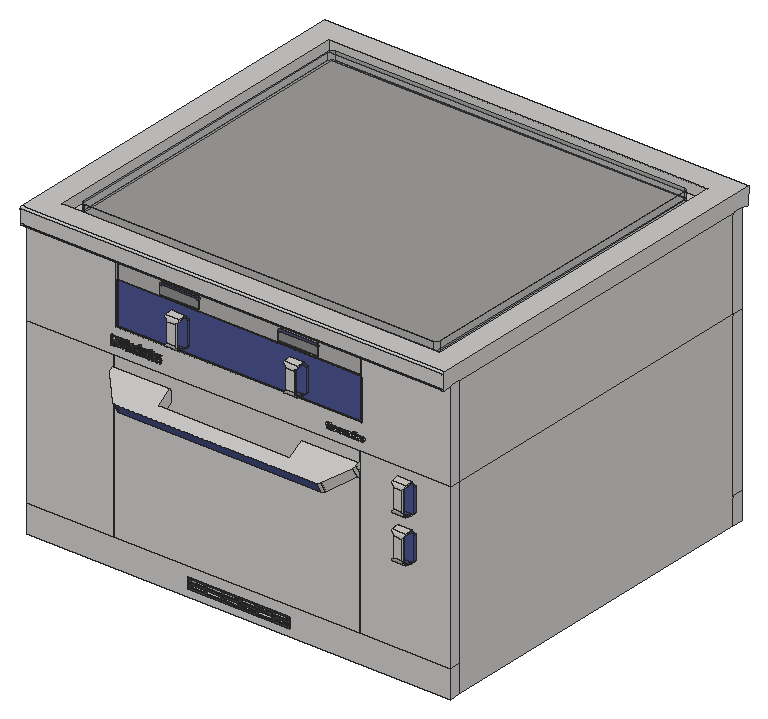
Revit family "QF_ELECTROLUXPROFESSIONAL_589667_MCINECJ8AO", category Attrezzature speciali, Revit 2020
Family settings
  Quota connettore circolare = Usa diametro
  Tipo di parte = Normale
  Basato su piano di lavoro = No
  Sempre verticale = Sì
  Taglio con vuoti quando caricato = No
  Condiviso = No
  Punto di calcolo locali = No
Parameters (values of type "Standard")
  Weight = 197.00 kg
  Watts = 25000 W
  Volts = 400 V
  URL Manufacturer = "https://www.electroluxprofessional.com/"
  URL = "https://www.electroluxprofessional.com/"
  Steam Supply Size = 0"
  Steam Supply Minimum Pressure = 0.00 psi
  Steam Supply Maximum Pressure = 0.00 psi
  Steam Consumption per Hour = 0
  Refrigeration Suction Line Size = 0 mm
  Refrigeration Liquid Line Size = 0 mm
  Refrigerant Compressor Remote = yes
  Prospetto di default = 0 mm
  Phase = 3
  Modello = "MCINECJ8AO"
  Produttore = "Electrolux Professional"
  Length Actual = 1000 mm  # constant formula
  Item Number = "589667"
  Hot Water Size = 0"
  Height Actual = 700 mm  # constant formula
  HP = "33.5 HP"
  Gas Size = 0"
  Gas KW = 0
  Gas Input Pressure = 0.0 Btu/h
  Direct Waste Size = 0"
  Descrizione = "INDUCTION,4Z,ST.OV.PASS,2S,1000X900X700H"
  Depth Actual = 900 mm  # constant formula
  Cycle = 50 Hz
  Condensate Return Size = 0"
  Compressed Air Volume = 0 GPM
  Compressed Air Size = 0"
  Compressed Air Pressure = 0.00 psi
  Cold Water Size = 0"
  Accessory = yes
Reference planes
  plane 1 "BACK": y = 0
  plane 2: z = 0
  plane 3 "LEFT": x = -100
  plane 4 "RIGHT": x = 900
  plane 5 "FRONT": y = -900
  plane 6 "TOP": z = 900
  plane 7 "Center (Left/Right)": x = 400
  plane 8: y = -450
  plane 9: z = 200
  plane 10: y = -150
  plane 11 "Panel": y = -855
  plane 12: z = 798
  plane 13: z = 1327
  plane 14: x = -22
  plane 15: x = 822
  plane 16: y = -150
  plane 17: y = -650
  plane 18 "EIx": x = 855
  plane 19 "EIy": y = -685
  plane 20: y = -880
  plane 21: z = 938
Forms (mm)
  Extrusion 1, solid, material "QF_Finishes_Stainless Steel"
    sketch origin (-178.969, -4572, 200) x (-1, 0, 0) y (0, -1, 0)
      loop
        line (-78.969, -4527) -> (-78.969, -3717) -> (-1078.969, -3717) -> (-1078.969, -4527) -> (-78.969, -4527)
    from 450 to 663
  Extrusion 2, solid, material "QF_Finishes_Stainless Steel"
    sketch origin (-100, 0, 0) x (0, 1, 0) y (0, 0, 1)
      loop
        line (-855, 200) -> (-855, 265) -> (-880, 265) -> (-880, 200) -> (-855, 200)
    from 0 to 1000
  Extrusion 3, solid, material "QF_Finishes_Stainless Steel"
    sketch origin (-488.969, -4662, 200) x (-1, 0, 0) y (0, -1, 0)
      loop
        circle (-1343.969, -3977) r 6.35
    from 0 to -11.851
  Extrusion 4, solid, material "QF_Finishes_Stainless Steel"
    sketch origin (400, 296.4, 1219.2) x (0, 1, 0) y (0, 0, 1)
      loop
        line (-296.4, -319.2) -> (-1191.4, -319.2)
        arc (-1191.4, -319.2) -> (-1194.935, -320.664) -> (-1196.4, -324.2) r 5
        line (-1196.4, -324.2) -> (-1196.4, -355.2)
        arc (-1196.4, -355.2) -> (-1194.971, -358.264) -> (-1191.705, -359.139) r 4
        line (-1191.705, -359.139) -> (-1176.4, -356.231) -> (-316.4, -356.231) -> (-301.094, -359.139)
        arc (-301.094, -359.139) -> (-297.829, -358.264) -> (-296.4, -355.2) r 4
        line (-296.4, -355.2) -> (-296.4, -319.2)
    from -500 to 500
  Extrusion 5, solid, material "QF_Finishes_Electrolux_Black Smoke Iluminated"
    sketch origin (0, 0, 900) x (-1, 0, 0) y (0, -1, 0)
      loop
        arc (12, 79) -> (19.071, 81.929) -> (22, 89) r 10
        line (22, 89) -> (22, 810)
        arc (22, 810) -> (19.071, 817.071) -> (12, 820) r 10
        line (12, 820) -> (-812, 820)
        arc (-812, 820) -> (-819.071, 817.071) -> (-822, 810) r 10
        line (-822, 810) -> (-822, 89)
        arc (-822, 89) -> (-819.071, 81.929) -> (-812, 79) r 10
        line (-812, 79) -> (12, 79)
    from 0 to -20
  Extrusion 6, solid, material "QF_Finishes_Stainless Steel"
    sketch origin (-178.969, -4572, 200) x (-1, 0, 0) y (0, -1, 0)
      loop
        line (-78.969, -4527) -> (-78.969, -3717) -> (-1078.969, -3717) -> (-1078.969, -4527) -> (-78.969, -4527)
    from 450 to 0
  Extrusion 7, void
    sketch origin (0, -855, 0) x (-1, 0, 0) y (0, 0, 1)
      loop
        line (-520, 216.594) -> (-280, 216.594) -> (-280, 241.594) -> (-520, 241.594) -> (-520, 216.594)
    from 0 to -25
  Extrusion 8, solid, material "QF_Finishes_Black"
    sketch origin (0, -855, 0) x (-1, 0, 0) y (0, 0, 1)
      loop
        line (-280, 241.594) -> (-520, 241.594) -> (-520, 216.594) -> (-280, 216.594) -> (-280, 241.594)
      loop
        line (-282, 239.594) -> (-319.131, 239.594) -> (-319.131, 230.094) -> (-282, 230.094) -> (-282, 239.594)
      loop
        line (-282, 218.594) -> (-282, 228.094) -> (-319.131, 228.094) -> (-319.131, 218.594) -> (-282, 218.594)
      loop
        line (-321.131, 239.594) -> (-359.066, 239.594) -> (-359.066, 230.094) -> (-321.131, 230.094) -> (-321.131, 239.594)
      loop
        line (-399, 239.594) -> (-399, 230.094) -> (-361.066, 230.094) -> (-361.066, 239.594) -> (-399, 239.594)
      loop
        line (-401, 239.594) -> (-438.934, 239.594) -> (-438.934, 230.094) -> (-401, 230.094) -> (-401, 239.594)
      loop
        line (-359.066, 218.594) -> (-321.131, 218.594) -> (-321.131, 228.094) -> (-359.066, 228.094) -> (-359.066, 218.594)
      loop
        line (-361.066, 218.594) -> (-361.066, 228.094) -> (-399, 228.094) -> (-399, 218.594) -> (-361.066, 218.594)
      loop
        line (-401, 228.094) -> (-438.934, 228.094) -> (-438.934, 218.594) -> (-401, 218.594) -> (-401, 228.094)
      loop
        line (-518, 239.594) -> (-518, 230.094) -> (-480.869, 230.094) -> (-480.869, 239.594) -> (-518, 239.594)
      loop
        line (-518, 218.594) -> (-480.869, 218.594) -> (-480.869, 228.094) -> (-518, 228.094) -> (-518, 218.594)
      loop
        line (-478.869, 239.594) -> (-478.869, 230.094) -> (-440.934, 230.094) -> (-440.934, 239.594) -> (-478.869, 239.594)
      loop
        line (-440.934, 218.594) -> (-440.934, 228.094) -> (-478.869, 228.094) -> (-478.869, 218.594) -> (-440.934, 218.594)
    from -25.03 to -20
  Extrusion 9, void
    sketch origin (0, 0, 900) x (-1, 0, 0) y (0, -1, 0)
      loop
        line (47, 845) -> (-847, 845) -> (-847, 54) -> (47, 54) -> (47, 845)
    from 0 to -25
  Extrusion 10, solid, material "QF_Finishes_Stainless Steel"
    sketch origin (0, 0, 900) x (-1, 0, 0) y (0, -1, 0)
      loop
        line (18, 83) -> (18, 816) -> (-818, 816) -> (-818, 83) -> (18, 83)
    from -20 to -25
  Extrusion 11, solid, material "QF_Finishes_Stainless Steel"
    sketch origin (-100, -900, 0) x (0, -1, 0) y (0, 0, -1)
      loop
        line (-855, -200) -> (-880, -200) -> (-880, -265) -> (-855, -265) -> (-855, -200)
    from 0 to 1000
  Extrusion 12, void
    sketch origin (0, -45, 0) x (-1, 0, 0) y (0, 0, -1)
      loop
        line (-520, -216.594) -> (-520, -241.594) -> (-280, -241.594) -> (-280, -216.594) -> (-520, -216.594)
    from 0 to -25
  Extrusion 13, solid, material "QF_Finishes_Black"
    sketch origin (0, -45, 0) x (-1, 0, 0) y (0, 0, -1)
      loop
        line (-280, -241.594) -> (-280, -216.594) -> (-520, -216.594) -> (-520, -241.594) -> (-280, -241.594)
      loop
        line (-282, -239.594) -> (-282, -230.094) -> (-319.131, -230.094) -> (-319.131, -239.594) -> (-282, -239.594)
      loop
        line (-282, -218.594) -> (-319.131, -218.594) -> (-319.131, -228.094) -> (-282, -228.094) -> (-282, -218.594)
      loop
        line (-321.131, -239.594) -> (-321.131, -230.094) -> (-359.066, -230.094) -> (-359.066, -239.594) -> (-321.131, -239.594)
      loop
        line (-399, -239.594) -> (-361.066, -239.594) -> (-361.066, -230.094) -> (-399, -230.094) -> (-399, -239.594)
      loop
        line (-401, -239.594) -> (-401, -230.094) -> (-438.934, -230.094) -> (-438.934, -239.594) -> (-401, -239.594)
      loop
        line (-359.066, -218.594) -> (-359.066, -228.094) -> (-321.131, -228.094) -> (-321.131, -218.594) -> (-359.066, -218.594)
      loop
        line (-361.066, -218.594) -> (-399, -218.594) -> (-399, -228.094) -> (-361.066, -228.094) -> (-361.066, -218.594)
      loop
        line (-401, -228.094) -> (-401, -218.594) -> (-438.934, -218.594) -> (-438.934, -228.094) -> (-401, -228.094)
      loop
        line (-518, -239.594) -> (-480.869, -239.594) -> (-480.869, -230.094) -> (-518, -230.094) -> (-518, -239.594)
      loop
        line (-518, -218.594) -> (-518, -228.094) -> (-480.869, -228.094) -> (-480.869, -218.594) -> (-518, -218.594)
      loop
        line (-478.869, -239.594) -> (-440.934, -239.594) -> (-440.934, -230.094) -> (-478.869, -230.094) -> (-478.869, -239.594)
      loop
        line (-440.934, -218.594) -> (-478.869, -218.594) -> (-478.869, -228.094) -> (-440.934, -228.094) -> (-440.934, -218.594)
    from -25.03 to -20
Cuts and joins
  Extrusion 7, Extrusion 12 cuts Extrusion 6
  Extrusion 7, Extrusion 12 cuts Extrusion 2
  Extrusion 9 cuts Extrusion 4
  Extrusion 12 cuts Extrusion 8
  Extrusion 12 cuts Extrusion 11
Lines and regions (mm)
  symbolic lines
    curve 1: line (-100, 0, 200) -> (900, 0, 200)
    curve 2: line (-100, -900, 200) -> (-100, 0, 200)
    curve 3: line (900, -900, 200) -> (-100, -900, 200)
    curve 4: line (900, 0, 200) -> (900, -900, 200)
    curve 5: line (812, -79, 200) -> (-12, -79, 200)
    curve 6: line (-22, -89, 200) -> (-22, -810, 200)
    curve 7: line (-12, -820, 200) -> (812, -820, 200)
    curve 8: line (822, -810, 200) -> (822, -89, 200)
    curve 9: arc (-12, -79, 200) -> (-19.071, -81.929, 200) -> (-22, -89, 200) r 10
    curve 10: arc (822, -89, 200) -> (819.071, -81.929, 200) -> (812, -79, 200) r 10
    curve 11: arc (812, -820, 200) -> (819.071, -817.071, 200) -> (822, -810, 200) r 10
    curve 12: arc (-22, -810, 200) -> (-19.071, -817.071, 200) -> (-12, -820, 200) r 10
    curve 13: line (847, -54, 900) -> (-47, -54, 900)
    curve 14: line (-47, -54, 900) -> (-47, -845, 900)
    curve 15: line (847, -845, 900) -> (847, -54, 900)
    curve 16: line (-47, -845, 900) -> (847, -845, 900)
  model lines
    curve 17: line (64.474, -422.012, 900) -> (46.796, -404.335, 900)
    curve 18: line (46.796, -404.335, 900) -> (46.796, -169.335, 900)
    curve 19: line (46.796, -169.335, 900) -> (64.474, -151.657, 900)
    curve 20: line (183.85, -245.603, 900) -> (183.85, -325.603, 900)
    curve 21: line (143.85, -285.603, 900) -> (223.85, -285.603, 900)
    curve 22: line (303.226, -422.012, 900) -> (320.903, -404.335, 900)
    curve 23: line (320.903, -404.335, 900) -> (320.903, -169.335, 900)
    curve 24: line (320.903, -169.335, 900) -> (303.226, -151.657, 900)
    curve 25: line (494.474, -422.012, 900) -> (476.796, -404.335, 900)
    curve 26: line (476.796, -404.335, 900) -> (476.796, -169.335, 900)
    curve 27: line (476.796, -169.335, 900) -> (494.474, -151.657, 900)
    curve 28: line (613.85, -245.603, 900) -> (613.85, -325.603, 900)
    curve 29: line (573.85, -285.603, 900) -> (653.85, -285.603, 900)
    curve 30: line (733.226, -422.012, 900) -> (750.903, -404.335, 900)
    curve 31: line (750.903, -404.335, 900) -> (750.903, -169.335, 900)
    curve 32: line (750.903, -169.335, 900) -> (733.226, -151.657, 900)
    curve 33: line (64.474, -477.988, 900) -> (46.796, -495.665, 900)
    curve 34: line (46.796, -495.665, 900) -> (46.796, -730.665, 900)
    curve 35: line (46.796, -730.665, 900) -> (64.474, -748.343, 900)
    curve 36: line (183.85, -654.397, 900) -> (183.85, -574.397, 900)
    curve 37: line (143.85, -614.397, 900) -> (223.85, -614.397, 900)
    curve 38: line (303.226, -477.988, 900) -> (320.903, -495.665, 900)
    curve 39: line (320.903, -495.665, 900) -> (320.903, -730.665, 900)
    curve 40: line (320.903, -730.665, 900) -> (303.226, -748.343, 900)
    curve 41: line (494.474, -477.988, 900) -> (476.796, -495.665, 900)
    curve 42: line (476.796, -495.665, 900) -> (476.796, -730.665, 900)
    curve 43: line (476.796, -730.665, 900) -> (494.474, -748.343, 900)
    curve 44: line (613.85, -654.397, 900) -> (613.85, -574.397, 900)
    curve 45: line (573.85, -614.397, 900) -> (653.85, -614.397, 900)
    curve 46: line (733.226, -477.988, 900) -> (750.903, -495.665, 900)
    curve 47: line (750.903, -495.665, 900) -> (750.903, -730.665, 900)
    curve 48: line (750.903, -730.665, 900) -> (733.226, -748.343, 900)
    curve 49: line (-7.896, -110.891, 900) -> (13.317, -89.677, 900)
    curve 50: line (13.317, -89.677, 900) -> (786.683, -89.677, 900)
    curve 51: line (807.896, -110.891, 900) -> (786.683, -89.677, 900)
    curve 52: line (-7.896, -789.109, 900) -> (13.317, -810.323, 900)
    curve 53: line (13.317, -810.323, 900) -> (786.683, -810.323, 900)
    curve 54: line (807.896, -789.109, 900) -> (786.683, -810.323, 900)
Dimensions and locks
  plane 3 "LEFT" to plane 4 "RIGHT" = 1000 mm
  plane 5 "FRONT" to plane 1 "BACK" = 900 mm
  plane 3 "LEFT" to plane 7 "Center (Left/Right)" to plane 4 "RIGHT" = 500 mm, 500 mm
  equal spacing: plane 5 "FRONT", plane 8, plane 1 "BACK"
  plane 6 "TOP" to level = 900 mm  (x2)
  plane 9 to level = 200 mm
  plane 1 "BACK" to plane 10 to plane 11 "Panel" = 150 mm, 705 mm  (x2)
  plane 6 "TOP" to plane 9 to level = 700 mm, 200 mm
  plane 1 "BACK" to plane 5 "FRONT" = 900 mm
  plane 1 "BACK" to Extrusion 3 = 685 mm
  plane 12 to plane 9 = 598 mm
  plane 13 to plane 6 "TOP" = 427 mm
  plane 6 "TOP" to plane 12 = 102 mm
  plane 14 to plane 3 "LEFT" = 78 mm
  plane 15 to plane 4 "RIGHT" = 78 mm
  locked: plane 1 "BACK" to plane 16 at 150
  locked: plane 16 to plane 17 at 500
  plane 11 "Panel" to plane 5 "FRONT" = 45 mm
  plane 18 "EIx" to plane 4 "RIGHT" = 45 mm
  plane 19 "EIy" to plane 1 "BACK" = 685 mm
  locked: plane 11 "Panel" to plane 20 at 25
  plane 21 to plane 6 "TOP" = 38 mm
  aligned and locked: level to plane 2
  aligned and locked: Extrusion 2 to plane 4 "RIGHT"
  aligned and locked: cut or joined group of Extrusion 4, Extrusion 9 to plane 3 "LEFT"
  aligned and locked: cut or joined group of Extrusion 4, Extrusion 9 to plane 4 "RIGHT"
  aligned and locked: cut or joined group of Extrusion 6, Extrusion 7, Extrusion 12 to plane 4 "RIGHT"
  aligned and locked: cut or joined group of Extrusion 6, Extrusion 7, Extrusion 12 to plane 3 "LEFT"
  aligned and locked: nested 1 to plane 11 "Panel"
  aligned and locked: nested 4 to plane 11 "Panel"
  aligned and locked: Extrusion 1 to plane 11 "Panel"
  aligned and locked: plane 11 "Panel" to cut or joined group of Extrusion 2, Extrusion 7, Extrusion 12
  aligned and locked: nested 2 to plane 20
  aligned and locked: nested 3 to plane 20
  aligned and locked: Extrusion 1 to plane 3 "LEFT"
  aligned and locked: Extrusion 1 to plane 4 "RIGHT"
  aligned and locked: plane 3 "LEFT" to nested 1
  aligned and locked: nested 5 to Extrusion 1
  aligned and locked: nested 5 to plane 3 "LEFT"
Automatic sketch dimensions
  Extrusion 1 sketch curve to plane 4 "RIGHT" = 0 mm
  Extrusion 1 sketch curve to plane 3 "LEFT" = 0 mm
  Extrusion 1 sketch curve to plane 11 "Panel" = 0 mm
  plane 1 "BACK" to Extrusion 1 sketch curve = 45 mm
  Extrusion 2 sketch curve to plane 9 = 0 mm
  Extrusion 2 sketch curve to plane 20 = 0 mm
  Extrusion 2 sketch curve to plane 11 "Panel" = 0 mm
  plane 9 to Extrusion 2 sketch curve = 65 mm
  plane 1 "BACK" to curve 1 = 0 mm
  curve 1 to plane 4 "RIGHT" = 0 mm
  curve 8 to plane 15 = 0 mm
  curve 6 to plane 14 = 0 mm
  curve 2 to plane 3 "LEFT" = 0 mm
  plane 5 "FRONT" to curve 3 = 0 mm
  plane 15 to curve 5 = 10 mm
  plane 15 to curve 11 = 10 mm
  curve 5 to plane 14 = 10 mm
  curve 12 to curve 12 = 10 mm
  plane 10 to curve 5 = 71 mm
  plane 11 "Panel" to curve 11 = 45 mm
  Extrusion 3 sketch curve to plane 18 "EIx" = 0 mm
  Extrusion 3 sketch curve to plane 19 "EIy" = 0 mm
  Extrusion 4 sketch curve to plane 5 "FRONT" = 0 mm
  Extrusion 4 sketch curve to plane 6 "TOP" = 0 mm
  Extrusion 4 sketch curve to plane 20 = 0 mm
  Extrusion 4 sketch curve to plane 1 "BACK" = 0 mm
  Extrusion 4 sketch curve to Extrusion 4 sketch curve = 4 mm
  Extrusion 4 sketch curve to Extrusion 4 sketch curve = 0.695 mm
  Extrusion 4 sketch curve to plane 5 "FRONT" = 5 mm
  plane 1 "BACK" to Extrusion 4 sketch curve = 20 mm
  plane 1 "BACK" to Extrusion 4 sketch curve = 4.695 mm
  plane 1 "BACK" to Extrusion 4 sketch curve = 4 mm
  Extrusion 4 sketch curve to Extrusion 4 sketch curve = 31 mm
  Extrusion 4 sketch curve to Extrusion 4 sketch curve = 36 mm
  Extrusion 4 sketch curve to Extrusion 4 sketch curve = 2.909 mm
  Extrusion 5 sketch curve to plane 15 = 0 mm
  Extrusion 5 sketch curve to plane 14 = 0 mm
  plane 15 to Extrusion 5 sketch curve = 10 mm  (x2)
  Extrusion 5 sketch curve to Extrusion 5 sketch curve = 10 mm  (x2)
  plane 10 to Extrusion 5 sketch curve = 71 mm
  plane 11 "Panel" to Extrusion 5 sketch curve = 45 mm
  Extrusion 6 sketch curve to plane 4 "RIGHT" = 0 mm
  Extrusion 6 sketch curve to plane 3 "LEFT" = 0 mm
  Extrusion 6 sketch curve to plane 11 "Panel" = 0 mm
  plane 1 "BACK" to Extrusion 6 sketch curve = 45 mm
  plane 9 to Extrusion 7 sketch curve = 41.594 mm
  plane 7 "Center (Left/Right)" to Extrusion 7 sketch curve = 120 mm
  Extrusion 7 sketch curve to plane 7 "Center (Left/Right)" = 120 mm
  plane 9 to Extrusion 7 sketch curve = 16.594 mm
  plane 9 to Extrusion 8 sketch curve = 41.594 mm
  plane 7 "Center (Left/Right)" to Extrusion 8 sketch curve = 120 mm
  Extrusion 8 sketch curve to Extrusion 8 sketch curve = 2 mm  (x15)
  Extrusion 8 sketch curve to Extrusion 8 sketch curve = 0 mm  (x16)
  Extrusion 8 sketch curve to Extrusion 8 sketch curve = 37.131 mm  (x2)
  Extrusion 8 sketch curve to Extrusion 8 sketch curve = 37.934 mm  (x3)
  plane 7 "Center (Left/Right)" to Extrusion 8 sketch curve = 1 mm  (x2)
  Extrusion 8 sketch curve to plane 7 "Center (Left/Right)" = 1 mm  (x2)
  plane 9 to Extrusion 8 sketch curve = 18.594 mm  (x4)
  Extrusion 8 sketch curve to Extrusion 8 sketch curve = 9.5 mm  (x6)
  plane 18 "EIx" to Extrusion 9 sketch curve = 8 mm
  plane 14 to Extrusion 9 sketch curve = 25 mm
  plane 1 "BACK" to Extrusion 9 sketch curve = 54 mm
  plane 11 "Panel" to Extrusion 9 sketch curve = 10 mm
  plane 15 to Extrusion 10 sketch curve = 4 mm
  Extrusion 10 sketch curve to plane 14 = 4 mm
  plane 10 to Extrusion 10 sketch curve = 67 mm
  plane 11 "Panel" to Extrusion 10 sketch curve = 39 mm
  plane 18 "EIx" to curve 13 = 8 mm
  plane 15 to curve 53 = 35.317 mm
  plane 15 to curve 51 = 35.317 mm
  plane 15 to curve 46 = 71.097 mm
  curve 32 to plane 10 = 19.335 mm
  plane 15 to curve 32 = 71.097 mm
  curve 27 to plane 10 = 19.335 mm
  plane 7 "Center (Left/Right)" to curve 27 = 76.796 mm
  plane 7 "Center (Left/Right)" to curve 43 = 76.796 mm
  curve 24 to plane 10 = 19.335 mm
  curve 24 to plane 7 "Center (Left/Right)" = 79.097 mm
  curve 40 to plane 7 "Center (Left/Right)" = 79.097 mm
  curve 35 to plane 14 = 68.796 mm
  curve 19 to plane 10 = 19.335 mm
  curve 19 to plane 14 = 68.796 mm
  curve 50 to plane 14 = 35.317 mm
  curve 53 to plane 14 = 35.317 mm
  plane 14 to curve 14 = 25 mm
  plane 10 to curve 50 = 60.323 mm
  plane 1 "BACK" to curve 15 = 54 mm
  plane 8 to curve 26 = 45.665 mm
  plane 8 to curve 17 = 45.665 mm
  plane 8 to curve 30 = 45.665 mm
  plane 8 to curve 22 = 45.665 mm
  curve 34 to plane 8 = 45.665 mm
  curve 42 to plane 8 = 45.665 mm
  curve 38 to plane 8 = 45.665 mm
  curve 46 to plane 8 = 45.665 mm
  curve 42 to plane 19 "EIy" = 45.665 mm
  curve 40 to plane 19 "EIy" = 45.665 mm
  curve 34 to plane 19 "EIy" = 45.665 mm
  curve 47 to plane 19 "EIy" = 45.665 mm
  plane 11 "Panel" to curve 54 = 44.677 mm
  plane 11 "Panel" to curve 15 = 10 mm
  plane 15 to curve 54 = 14.104 mm
  plane 15 to curve 51 = 14.104 mm
  curve 46 to plane 8 = 27.988 mm
  curve 46 to curve 46 = 17.678 mm
  curve 47 to curve 48 = 17.678 mm  (x2)
  curve 32 to plane 10 = 1.657 mm
  curve 31 to curve 32 = 17.678 mm
  plane 8 to curve 30 = 27.988 mm
  curve 30 to curve 30 = 17.678 mm
  curve 45 to plane 17 = 35.603 mm
  curve 47 to curve 45 = 97.053 mm
  curve 31 to curve 29 = 97.053 mm
  plane 17 to curve 44 = 4.397 mm
  curve 45 to curve 44 = 40 mm
  curve 29 to curve 28 = 40 mm  (x2)
  curve 28 to curve 29 = 40 mm  (x2)
  curve 44 to curve 45 = 40 mm  (x2)
  curve 43 to curve 42 = 17.678 mm
  plane 8 to curve 25 = 27.988 mm
  curve 25 to curve 25 = 17.678 mm
  curve 41 to plane 8 = 27.988 mm
  curve 41 to curve 41 = 17.678 mm
  curve 27 to plane 10 = 1.657 mm
  curve 27 to curve 26 = 17.678 mm
  curve 38 to plane 8 = 27.988 mm
  curve 38 to curve 38 = 17.678 mm
  plane 8 to curve 22 = 27.988 mm
  curve 22 to curve 22 = 17.678 mm
  curve 24 to plane 10 = 1.657 mm
  curve 23 to curve 24 = 17.678 mm
  curve 39 to curve 40 = 17.678 mm  (x2)
  curve 37 to plane 17 = 35.603 mm
  curve 39 to curve 37 = 97.053 mm
  curve 23 to curve 21 = 97.053 mm
  curve 21 to curve 20 = 40 mm  (x2)
  plane 17 to curve 36 = 4.397 mm
  curve 37 to curve 36 = 40 mm
  curve 36 to curve 37 = 40 mm  (x2)
  curve 20 to curve 21 = 40 mm  (x2)
  plane 8 to curve 17 = 27.988 mm
  curve 17 to curve 17 = 17.678 mm
  curve 19 to plane 10 = 1.657 mm
  curve 19 to curve 18 = 17.678 mm
  curve 33 to plane 8 = 27.988 mm
  curve 33 to curve 33 = 17.678 mm
  curve 35 to curve 34 = 17.678 mm
  curve 49 to plane 14 = 14.104 mm
  curve 52 to plane 14 = 14.104 mm
  curve 49 to curve 49 = 21.213 mm
  curve 50 to curve 51 = 21.213 mm
  curve 28 to plane 10 = 95.603 mm
  curve 20 to plane 10 = 95.603 mm
  curve 42 to curve 43 = 17.678 mm
  curve 34 to curve 35 = 17.678 mm
  curve 54 to curve 53 = 21.213 mm
  curve 52 to curve 52 = 21.213 mm
  Extrusion 11 sketch curve to plane 9 = 0 mm
  plane 1 "BACK" to Extrusion 11 sketch curve = 20 mm
  Extrusion 11 sketch curve to Extrusion 11 sketch curve = 25 mm
  plane 9 to Extrusion 11 sketch curve = 65 mm
  plane 9 to Extrusion 12 sketch curve = 41.594 mm
  plane 7 "Center (Left/Right)" to Extrusion 12 sketch curve = 120 mm
  Extrusion 12 sketch curve to plane 7 "Center (Left/Right)" = 120 mm
  plane 9 to Extrusion 12 sketch curve = 16.594 mm
  plane 9 to Extrusion 13 sketch curve = 41.594 mm
  plane 7 "Center (Left/Right)" to Extrusion 13 sketch curve = 120 mm
  Extrusion 13 sketch curve to Extrusion 13 sketch curve = 2 mm  (x19)
  Extrusion 13 sketch curve to Extrusion 13 sketch curve = 0 mm  (x15)
  Extrusion 13 sketch curve to Extrusion 13 sketch curve = 37.131 mm  (x2)
  Extrusion 13 sketch curve to Extrusion 13 sketch curve = 37.934 mm  (x3)
  plane 7 "Center (Left/Right)" to Extrusion 13 sketch curve = 1 mm  (x2)
  Extrusion 13 sketch curve to plane 7 "Center (Left/Right)" = 1 mm  (x2)
  plane 9 to Extrusion 13 sketch curve = 18.594 mm
  plane 9 to Extrusion 13 sketch curve = 39.594 mm
  Extrusion 13 sketch curve to Extrusion 13 sketch curve = 9.5 mm  (x5)
  radius of Extrusion 3 sketch curve = 6.35 mm
Nested families
  nested 1: "Door_Panel_W1000_A" at (400, -855, 0), type "Door_Panel_W1000_A"
  nested 2: "FIT Range Control Handle" at (795, -883.137, -372.751), type "FIT Range Control Handle"
  nested 3: "FIT Range Control Handle" at (795, -883.137, -474.751), type "FIT Range Control Handle"
  nested 4: "Front_Panel_W1000_2 Knobs" at (102.376, -855, 0), type "Front_Panel_W1000_2 Knobs"
  nested 5: "Front_Panel_W1000_Two Knobs_Back" at (697.624, -45, 0) x (-1, 0, 0) z (0, 0, 1), type "Front_Panel_W1000_Two Knobs_Back"
  nested 6: "Door_Panel_W1000_A" at (400, -45, 0), type "Door_Panel_W1000_A"
Connectors
  electrical at (855, -685, 188.149)
    settings: on Extrusion 3, index 1, voltage 400 V, apparent load 33000 VA, apparent load phase1 0 VA, apparent load phase2 0 VA, apparent load phase3 0 VA, power factor 1, load classification "Other", number of poles 1, system type 30, power factor state 1, is connector primary yes, connector utility no, sub classification motor no, connector description "ELECTRICAL CONNECTION"
Definition of nested family "Door_Panel_W1000_A"
  Parameters
    Default Elevation = 0 mm
  Reference planes
    plane 1 "Center (Front/Back)": y = 0
    plane 2 "Ref. Level": z = 0
    plane 3: x = 500
    plane 4: x = -500
    plane 5 "Center (Left/Right)": x = 0
    plane 6: x = -295
    plane 7: x = 285
    plane 8 "Manopola": through (-6096, -50.059, 612.389) normal (0, -0.515, 0.8572)
    plane 9 "Top": z = 650
    plane 10: z = 265
    plane 11: z = 200
  Forms (mm)
    Extrusion 1, solid
      sketch origin (0, 0, 0) x (0, 1, 0) y (0, 0, 1)
        loop
          line (-25.03, 650) -> (-25.03, 265) -> (0, 265) -> (0, 650) -> (-25.03, 650)
      from 285 to 500
    Extrusion 2, solid
      sketch origin (0, 0, 0) x (0, 1, 0) y (0, 0, 1)
        loop
          line (-25.03, 650) -> (-25.03, 265) -> (0, 265) -> (0, 650) -> (-25.03, 650)
      from -500 to -295
    Extrusion 3, solid
      sketch origin (0, 0, 0) x (0, 1, 0) y (0, 0, 1)
        loop
          line (-25.03, 650) -> (-25.03, 265) -> (0, 265) -> (0, 650) -> (-25.03, 650)
      from -295 to 285
    Extrusion 4, solid
      sketch origin (0, -283.633, 472.044) x (0, 0.857167, 0.515038) y (-1, 0, 0)
        loop
          line (299.12, -285) -> (299.12, 295) -> (290.982, 295)
          arc (290.982, 295) -> (286.677, 294.026) -> (283.211, 291.293) r 10
          line (283.211, 291.293) -> (233.28, 250.86)
          arc (233.28, 250.86) -> (230.548, 247.394) -> (229.574, 243.089) r 10
          line (229.574, 243.089) -> (229.574, -233.089)
          arc (229.574, -233.089) -> (230.548, -237.394) -> (233.28, -240.86) r 10
          line (233.28, -240.86) -> (283.211, -281.293)
          arc (283.211, -281.293) -> (286.677, -284.026) -> (290.982, -285) r 10
          line (290.982, -285) -> (299.12, -285)
      from -27 to 0
    Extrusion 5, void
      sketch origin (0, 0, 0) x (0, 1, 0) y (0, 0, 1)
        loop
          line (-61.514, 605.507) -> (-47.608, 582.363) -> (-25.03, 595.93) -> (-25.03, 627.429) -> (-61.514, 605.507)
      from -160 to 150
    Extrusion 6, solid, detail levels coarse
      sketch origin (0, 0, 0) x (0, 1, 0) y (0, 0, 1)
        loop
          line (-25.03, 265) -> (-25.03, 650)
          arc (-25.03, 650) -> (-297.266, 537.236) -> (-410.03, 265) r 385
          line (-410.03, 265) -> (-25.03, 265)
      from -295 to 285
  Cuts and joins
    Extrusion 5 cuts Extrusion 4
    joined: Extrusion 3, Extrusion 4
  Lines and regions (mm)
    symbolic lines
      curve 1: line (-287.355, -45.043, 0) -> (-250.86, -83.673, 0)
      curve 2: line (-243.089, -86.85, 0) -> (233.089, -86.85, 0)
      curve 3: line (240.86, -83.673, 0) -> (277.355, -45.043, 0)
      curve 4: arc (-243.089, -86.85, 0) -> (-247.318, -86.101, 0) -> (-250.86, -83.673, 0) r 10.165
      curve 5: arc (233.089, -86.85, 0) -> (237.318, -86.101, 0) -> (240.86, -83.673, 0) r 10.165
      curve 6: line (-295, -45.043, 0) -> (-295, -410.03, 0)
      curve 7: line (-295, -410.03, 0) -> (285, -410.03, 0)
      curve 8: line (285, -410.03, 0) -> (285, -45.03, 0)
  Dimensions and locks
    plane 3 to plane 4 = 1000 mm
    plane 4 to plane 3 = 1000 mm
    equal spacing: plane 3, plane 5 "Center (Left/Right)", plane 4
    plane 6 to plane 4 = 205 mm
    plane 3 to plane 7 = 215 mm
    plane 11 to level = 200 mm
    plane 10 to plane 11 = 65 mm
    plane 10 to plane 9 "Top" = 385 mm
    plane 9 "Top" to plane 11 = 450 mm
    aligned and locked: plane 3 to Extrusion 1
    aligned and locked: cut or joined group of Extrusion 3, Extrusion 4, Extrusion 5 to plane 6
    aligned and locked: cut or joined group of Extrusion 3, Extrusion 4, Extrusion 5 to plane 7
    aligned and locked: plane 7 to Extrusion 1
    aligned and locked: plane 6 to Extrusion 2
    aligned and locked: Extrusion 2 to plane 4
    aligned and locked: plane 10 to Extrusion 2
    aligned and locked: plane 10 to cut or joined group of Extrusion 3, Extrusion 4, Extrusion 5
    aligned and locked: plane 10 to Extrusion 1
    aligned and locked: Extrusion 6 to plane 6
    aligned and locked: Extrusion 6 to plane 7
  Automatic sketch dimensions
    Extrusion 5 sketch curve to plane 8 "Manopola" = 0 mm  (x2)
    plane 1 "Center (Front/Back)" to Extrusion 5 sketch curve = 61.514 mm
    Extrusion 5 sketch curve to Extrusion 5 sketch curve = 13.906 mm
    plane 1 "Center (Front/Back)" to Extrusion 5 sketch curve = 25.03 mm
    Extrusion 4 sketch curve to plane 7 = 0 mm
    Extrusion 4 sketch curve to plane 6 = 0 mm
    plane 6 to Extrusion 4 sketch curve = 51.911 mm
    plane 7 to Extrusion 4 sketch curve = 44.14 mm
    Extrusion 4 sketch curve to Extrusion 4 sketch curve = 3.707 mm  (x2)
    plane 6 to Extrusion 4 sketch curve = 44.14 mm
    plane 7 to Extrusion 4 sketch curve = 3.707 mm
    Extrusion 4 sketch curve to Extrusion 4 sketch curve = 49.93 mm  (x2)
    plane 6 to Extrusion 4 sketch curve = 3.707 mm
    Extrusion 4 sketch curve to Extrusion 4 sketch curve = 7.771 mm  (x3)
    Extrusion 4 sketch curve to Extrusion 4 sketch curve = 8.138 mm
    Extrusion 2 sketch curve to plane 1 "Center (Front/Back)" = 0 mm
    Extrusion 3 sketch curve to plane 1 "Center (Front/Back)" = 0 mm
    Extrusion 1 sketch curve to plane 1 "Center (Front/Back)" = 0 mm
    Extrusion 2 sketch curve to plane 9 "Top" = 0 mm
    Extrusion 2 sketch curve to Extrusion 2 sketch curve = 25.03 mm
    Extrusion 3 sketch curve to plane 9 "Top" = 0 mm
    Extrusion 3 sketch curve to Extrusion 3 sketch curve = 25.03 mm
    Extrusion 1 sketch curve to plane 9 "Top" = 0 mm
    plane 1 "Center (Front/Back)" to Extrusion 1 sketch curve = 25.03 mm
    level to Extrusion 1 sketch curve = 265 mm
    level to Extrusion 2 sketch curve = 265 mm
    level to Extrusion 3 sketch curve = 265 mm
    plane 10 to Extrusion 6 sketch curve = 0 mm
    Extrusion 6 sketch curve to plane 9 "Top" = 0 mm
    plane 1 "Center (Front/Back)" to Extrusion 6 sketch curve = 25.03 mm
    curve 7 to plane 7 = 0 mm
    plane 6 to curve 1 = 44.14 mm
    curve 4 to curve 4 = 7.389 mm
    curve 4 to curve 2 = 7.771 mm
    plane 7 to curve 2 = 51.911 mm
    curve 2 to curve 5 = 0.382 mm
    curve 2 to curve 3 = 7.771 mm
    plane 1 "Center (Front/Back)" to curve 6 = 410.03 mm
    plane 1 "Center (Front/Back)" to curve 2 = 86.85 mm
    curve 2 to curve 3 = 3.177 mm
    curve 2 to curve 1 = 3.177 mm
    plane 7 to curve 3 = 7.645 mm
    plane 1 "Center (Front/Back)" to curve 3 = 45.043 mm
    curve 3 to curve 8 = 0.013 mm
    curve 7 to plane 6 = 0 mm
    curve 6 to curve 1 = 7.645 mm
    plane 1 "Center (Front/Back)" to curve 1 = 45.043 mm
    curve 6 to curve 1 = 0 mm
Definition of nested family "FIT Range Control Handle"
  Parameters
    Default Elevation = 0 mm
  Reference planes
    plane 1 "Center (Front/Back)": y = 0
    plane 2: z = 0
    plane 3 "Center (Left/Right)": x = 0
    plane 4: z = 971.092
    plane 5: y = -16.8
  Forms (mm)
    Extrusion 1, solid
      sketch origin (-746.28, 380.497, 208.931) x (-1, 0, 0) y (0, 0, 1)
        loop
          line (-770.101, 786.798) -> (-770.101, 731.649)
          arc (-770.101, 731.649) -> (-769.759, 730.563) -> (-768.855, 729.87) r 1.893
          line (-768.855, 729.87) -> (-763.474, 727.911) -> (-729.81, 727.911) -> (-724.428, 729.87)
          arc (-724.428, 729.87) -> (-723.525, 730.563) -> (-723.183, 731.649) r 1.893
          line (-723.183, 731.649) -> (-723.183, 786.798)
          arc (-723.183, 786.798) -> (-723.529, 787.894) -> (-724.44, 788.593) r 1.91
          line (-724.44, 788.593) -> (-729.683, 790.819) -> (-763.601, 790.819) -> (-768.844, 788.593)
          arc (-768.844, 788.593) -> (-769.755, 787.894) -> (-770.101, 786.798) r 1.91
      from -382.35 to -378.852
    Sweep 2, solid
      path origin (-746.788, 380.496, 208.091) x (0, -1, 0) y (0, 0, 1)
        loop
          line (379.775, 793.281) -> (395.661, 791.048)
          arc (395.661, 791.048) -> (397.781, 787.377) -> (398.517, 783.202) r 12.207
          line (398.517, 783.202) -> (398.517, 737.368)
          arc (398.517, 737.368) -> (397.781, 733.193) -> (395.661, 729.522) r 12.207
          line (395.661, 729.522) -> (379.775, 727.289)
      profile origin (-746.788, -7.222, 1000.256) x (0, -0.139173, 0.990268) y (-1, 0, 0)
        loop
          line (0.782, -763.123) -> (0.782, -730.907) -> (-1.322, -730.907) -> (-1.322, -763.123) -> (0.782, -763.123)
    Sweep 3, solid
      path origin (-746.788, 380.715, 207.832) x (0, -1, 0) y (0, 0, 1)
        loop
          line (380.478, 795.442) -> (397.218, 793.09)
          arc (397.218, 793.09) -> (399.929, 788.473) -> (400.871, 783.202) r 15.207
          line (400.871, 783.202) -> (400.871, 737.584)
          arc (400.871, 737.584) -> (399.914, 732.274) -> (397.164, 727.633) r 15.207
          line (397.164, 727.633) -> (380.601, 725.305)
      profile origin (-746.788, -8.132, 1002.099) x (0, -0.139173, 0.990268) y (-1, 0, 0)
        loop
          line (0.782, -763.123) -> (0.782, -730.907) -> (-1.322, -730.907) -> (-1.322, -763.123) -> (0.782, -763.123)
    Extrusion 4, void
      sketch origin (889.253, 220.666, 207.993) x (1, 0, 0) y (0, 0, 1)
        loop
          line (-943.038, 816.854) -> (-943.038, 703.686) -> (-899.466, 734.196) -> (-899.466, 786.344) -> (-943.038, 816.854)
      from 230.636 to 242.25
    Extrusion 5, void
      sketch origin (-888.8, 220.666, 207.993) x (-1, 0, 0) y (0, 0, -1)
        loop
          line (-943.038, -816.854) -> (-899.466, -786.344) -> (-899.466, -734.196) -> (-943.038, -703.686) -> (-943.038, -816.854)
      from 230.636 to 242.25
    Extrusion 6, solid
      sketch origin (0, 0, 0) x (1, 0, 0) y (0, 0, 1)
        loop
          circle (0, 971.092) r 7.736
      from -3.137 to -1.645
  Cuts and joins
    Extrusion 4, Extrusion 5 cuts Sweep 3
    Extrusion 4, Extrusion 5 cuts Sweep 2
    joined: Extrusion 1, Extrusion 6
  Lines and regions (mm)
    symbolic lines
      curve 1: line (-15.881, -19.189, 0) -> (-15.881, -16.8, 0)
      curve 2: line (16.334, -19.189, 0) -> (16.334, -16.8, 0)
      curve 3: spline (-15.881, -19.189, 0) -> (-15.417, -19.349, 0) -> (-14.951, -19.501, 0) -> (-14.483, -19.646, 0) -> (-14.014, -19.783, 0) -> (-13.543, -19.912, 0) -> (-13.071, -20.033, 0) -> (-12.597, -20.146, 0) -> (-12.122, -20.251, 0) -> (-11.646, -20.349, 0) -> (-11.169, -20.438, 0) -> (-10.691, -20.52, 0) -> (-10.213, -20.593, 0)
      curve 4: spline (10.666, -20.593, 0) -> (11.144, -20.52, 0) -> (11.622, -20.438, 0) -> (12.099, -20.349, 0) -> (12.575, -20.251, 0) -> (13.05, -20.146, 0) -> (13.524, -20.033, 0) -> (13.996, -19.912, 0) -> (14.467, -19.783, 0) -> (14.936, -19.646, 0) -> (15.404, -19.501, 0) -> (15.87, -19.349, 0) -> (16.334, -19.189, 0)
      curve 5: line (-10.213, -20.938, 0) -> (10.716, -20.938, 0)
  Dimensions and locks
    cut or joined group of Sweep 3, Extrusion 4, Extrusion 5 to cut or joined group of Sweep 3, Extrusion 4, Extrusion 5 = 71.686 mm
Definition of nested family "Front_Panel_W1000_2 Knobs"
  Parameters
    Default Elevation = 0 mm
  Reference planes
    plane 1 "Center (Front/Back)": y = 0
    plane 2: z = 0
    plane 3 "Center (Left/Right)": x = 297.624
    plane 4 "Left": x = -202.376
    plane 5 "Right": x = 797.624
    plane 6: y = -45
    plane 7: x = 157.624
    plane 8: y = -25
    plane 9: x = -2.376
    plane 10: x = 437.624
    plane 11: x = 594.715
  Forms (mm)
    Extrusion 1, solid
      sketch origin (833.217, 829.203, -1.25) x (0, 1, 0) y (0, 0, 1)
        loop
          line (-854.203, 651.25) -> (-829.203, 651.25) -> (-829.203, 864.25) -> (-854.203, 864.25) -> (-854.203, 651.25)
      from -1035.593 to -35.593
    Extrusion 2, void
      sketch origin (0, 0, 0) x (1, 0, 0) y (0, 0, 1)
        loop
          line (7.624, 853.866) -> (7.624, 711.866) -> (587.624, 711.866) -> (587.624, 853.866) -> (7.624, 853.866)
      from 19.387 to 33.951
  Cuts and joins
    Extrusion 2 cuts Extrusion 1
  Dimensions and locks
    equal spacing: plane 5 "Right", plane 3 "Center (Left/Right)", plane 4 "Left"
    plane 5 "Right" to plane 4 "Left" = 1000 mm
    plane 3 "Center (Left/Right)" to plane 7 = 140 mm
    plane 10 to plane 3 "Center (Left/Right)" = 140 mm
    aligned and locked: cut or joined group of Extrusion 1, Extrusion 2 to plane 4 "Left"
    aligned and locked: plane 5 "Right" to cut or joined group of Extrusion 1, Extrusion 2
    aligned and locked: plane 3 "Center (Left/Right)" to nested 2
    aligned and locked: cut or joined group of Extrusion 1, Extrusion 2 to nested 2
  Automatic sketch dimensions
    Extrusion 1 sketch curve to plane 1 "Center (Front/Back)" = 0 mm
    level to Extrusion 1 sketch curve = 650 mm
    plane 4 "Left" to Extrusion 2 sketch curve = 210 mm
    Extrusion 2 sketch curve to plane 5 "Right" = 210 mm
    level to Extrusion 2 sketch curve = 711.866 mm
    Extrusion 2 sketch curve to Extrusion 2 sketch curve = 142 mm
    Extrusion 1 sketch curve to plane 6 = 20 mm
    Extrusion 1 sketch curve to Extrusion 1 sketch curve = 213 mm
  Nested families
    nested 1: "Range Control Handle" at (157.624, -28.137, -209.113) x (-1, 0, 0) z (0, 0, 1), type "Range Control Handle"
    nested 2: "Front glass control panel W1000_2 Knobs" at (297.624, 280.644, 2.752), type "Front glass control panel W1000_2 Knobs"
    nested 3: "Range Control Handle" at (437.624, -28.137, -209.113), type "Range Control Handle"
    nested 4: "ELX_ThermaLine_Small" at (546.122, -25, 679.426) x (1, 0, 0) z (0, -1, 0), type "ELX_ThermaLine_Small"
      with Show Logo yes, Material_Logo none
    nested 5: "ELX_Professional_Logo_Small" at (57.11, -25, 681.659) x (1, 0, 0) z (0, -1, 0), type "ELX_Professional_Logo_Small"
      with Show Logo yes, Material_Logo none
  Definition of nested family "Range Control Handle"
    Parameters
      Default Elevation = 0 mm
    Reference planes
      plane 1 "Center (Front/Back)": y = 0
      plane 2: z = 0
      plane 3 "Center (Left/Right)": x = 0
      plane 4: z = 971.092
      plane 5: y = -16.9
    Forms (mm)
      Extrusion 1, solid
        sketch origin (-746.28, 380.497, 208.931) x (-1, 0, 0) y (0, 0, 1)
          loop
            line (-770.101, 786.798) -> (-770.101, 731.649)
            arc (-770.101, 731.649) -> (-769.759, 730.563) -> (-768.855, 729.87) r 1.893
            line (-768.855, 729.87) -> (-763.474, 727.911) -> (-729.81, 727.911) -> (-724.428, 729.87)
            arc (-724.428, 729.87) -> (-723.525, 730.563) -> (-723.183, 731.649) r 1.893
            line (-723.183, 731.649) -> (-723.183, 786.798)
            arc (-723.183, 786.798) -> (-723.529, 787.894) -> (-724.44, 788.593) r 1.91
            line (-724.44, 788.593) -> (-729.683, 790.819) -> (-763.601, 790.819) -> (-768.844, 788.593)
            arc (-768.844, 788.593) -> (-769.755, 787.894) -> (-770.101, 786.798) r 1.91
        from -382.35 to -378.852
      Sweep 2, solid
        path origin (-746.788, 380.496, 208.091) x (0, -1, 0) y (0, 0, 1)
          loop
            line (379.775, 793.281) -> (395.661, 791.048)
            arc (395.661, 791.048) -> (397.781, 787.377) -> (398.517, 783.202) r 12.207
            line (398.517, 783.202) -> (398.517, 737.368)
            arc (398.517, 737.368) -> (397.781, 733.193) -> (395.661, 729.522) r 12.207
            line (395.661, 729.522) -> (379.775, 727.289)
        profile origin (-746.788, -7.222, 1000.256) x (0, -0.139173, 0.990268) y (-1, 0, 0)
          loop
            line (0.782, -763.123) -> (0.782, -730.907) -> (-1.322, -730.907) -> (-1.322, -763.123) -> (0.782, -763.123)
      Sweep 3, solid
        path origin (-746.788, 380.715, 207.832) x (0, -1, 0) y (0, 0, 1)
          loop
            line (380.478, 795.442) -> (397.218, 793.09)
            arc (397.218, 793.09) -> (399.929, 788.473) -> (400.871, 783.202) r 15.207
            line (400.871, 783.202) -> (400.871, 737.584)
            arc (400.871, 737.584) -> (399.914, 732.274) -> (397.164, 727.633) r 15.207
            line (397.164, 727.633) -> (380.601, 725.305)
        profile origin (-746.788, -8.132, 1002.099) x (0, -0.139173, 0.990268) y (-1, 0, 0)
          loop
            line (0.782, -763.123) -> (0.782, -730.907) -> (-1.322, -730.907) -> (-1.322, -763.123) -> (0.782, -763.123)
      Extrusion 4, void
        sketch origin (889.253, 220.666, 207.993) x (1, 0, 0) y (0, 0, 1)
          loop
            line (-943.038, 816.854) -> (-943.038, 703.686) -> (-899.466, 734.196) -> (-899.466, 786.344) -> (-943.038, 816.854)
        from 230.636 to 242.25
      Extrusion 5, void
        sketch origin (-888.8, 220.666, 207.993) x (-1, 0, 0) y (0, 0, -1)
          loop
            line (-943.038, -816.854) -> (-899.466, -786.344) -> (-899.466, -734.196) -> (-943.038, -703.686) -> (-943.038, -816.854)
        from 230.636 to 242.25
      Extrusion 6, solid
        sketch origin (0, 0, 0) x (1, 0, 0) y (0, 0, 1)
          loop
            circle (0, 971.092) r 7.736
        from -3.137 to -1.645
    Cuts and joins
      Extrusion 4, Extrusion 5 cuts Sweep 3
      Extrusion 4, Extrusion 5 cuts Sweep 2
      joined: Extrusion 1, Extrusion 6
    Lines and regions (mm)
      symbolic lines
        curve 1: line (16.334, -16.9, 0) -> (16.334, -19.227, 0)
        curve 2: spline (16.334, -19.227, 0) -> (15.87, -19.385, 0) -> (15.404, -19.536, 0) -> (14.936, -19.678, 0) -> (14.466, -19.813, 0) -> (13.995, -19.94, 0) -> (13.523, -20.059, 0) -> (13.049, -20.171, 0) -> (12.575, -20.274, 0) -> (12.099, -20.37, 0) -> (11.622, -20.458, 0) -> (11.144, -20.537, 0) -> (10.666, -20.609, 0)
        curve 3: line (10.666, -16.9, 0) -> (10.666, -20.938, 0)
        curve 4: line (-10.213, -20.938, 0) -> (10.666, -20.938, 0)
        curve 5: line (-10.213, -20.938, 0) -> (-10.213, -16.9, 0)
        curve 6: spline (-10.213, -20.609, 0) -> (-10.691, -20.537, 0) -> (-11.169, -20.458, 0) -> (-11.646, -20.37, 0) -> (-12.122, -20.274, 0) -> (-12.597, -20.171, 0) -> (-13.07, -20.059, 0) -> (-13.542, -19.94, 0) -> (-14.013, -19.813, 0) -> (-14.483, -19.678, 0) -> (-14.951, -19.536, 0) -> (-15.417, -19.385, 0) -> (-15.881, -19.227, 0)
        curve 7: line (-15.881, -19.227, 0) -> (-15.881, -16.9, 0)
  Definition of nested family "Front glass control panel W1000_2 Knobs"
    Parameters
      Default Elevation = 0 mm
    Reference planes
      plane 1 "Center (Front/Back)": y = 0
      plane 2: z = 0
      plane 3 "Center (Left/Right)": x = 0
      plane 4: x = -140
      plane 5: x = 140
    Forms (mm)
      Extrusion 1, solid
        sketch origin (378.286, 0, 0.617) x (1, 0, 0) y (0, 0, 1)
          loop
            line (-668.286, 806.791) -> (-668.286, 708.497) -> (-88.286, 708.497) -> (-88.286, 806.791) -> (-668.286, 806.791)
        from 300.031 to 304.8
      Extrusion 2, solid
        sketch origin (378.286, 0, 0.617) x (1, 0, 0) y (0, 0, 1)
          loop
            line (-668.286, 850.497) -> (-668.286, 806.791) -> (-88.286, 806.791) -> (-88.286, 850.497) -> (-668.286, 850.497)
        from 300.031 to 304.8
      Extrusion 3, void
        sketch origin (378.286, 0, 0.617) x (1, 0, 0) y (0, 0, 1)
          loop
            line (-665.628, 847.565) -> (-665.628, 710.699) -> (-91.196, 710.699) -> (-91.196, 847.565) -> (-665.628, 847.565)
        from 303.697 to 304.8
      Extrusion 4, solid
        sketch origin (-448.309, 1.101, -0.633) x (-1, 0, 0) y (0, 0, -1)
          loop
            line (-261.431, -812.62) -> (-355.186, -812.62) -> (-355.186, -834.177) -> (-350.269, -834.177) -> (-348.469, -835.977) -> (-268.039, -835.977) -> (-266.24, -834.177) -> (-261.431, -834.177) -> (-261.431, -812.62)
        from 304.798 to 306.745
      Extrusion 5, solid
        sketch origin (-448.309, 1.101, -0.633) x (-1, 0, 0) y (0, 0, -1)
          loop
            line (-350.269, -834.177) -> (-355.078, -834.177)
            arc (-355.078, -834.177) -> (-353.942, -838.747) -> (-349.686, -840.763) r 5.5
            line (-349.686, -840.763) -> (-266.98, -840.763)
            arc (-266.98, -840.763) -> (-262.706, -838.752) -> (-261.529, -834.177) r 5.549
            line (-261.529, -834.177) -> (-266.24, -834.177) -> (-268.039, -835.977) -> (-348.469, -835.977) -> (-350.269, -834.177)
        from 304.798 to 306.745
      Extrusion 6, solid
        sketch origin (448.333, 1.101, -0.633) x (1, 0, 0) y (0, 0, 1)
          loop
            line (-261.431, 812.62) -> (-261.431, 834.177) -> (-266.24, 834.177) -> (-268.039, 835.977) -> (-348.469, 835.977) -> (-350.269, 834.177) -> (-355.186, 834.177) -> (-355.186, 812.62) -> (-261.431, 812.62)
        from 304.798 to 306.745
      Extrusion 7, solid
        sketch origin (448.333, 1.101, -0.633) x (1, 0, 0) y (0, 0, 1)
          loop
            line (-350.269, 834.177) -> (-348.469, 835.977) -> (-268.039, 835.977) -> (-266.24, 834.177) -> (-261.529, 834.177)
            arc (-261.529, 834.177) -> (-262.706, 838.752) -> (-266.98, 840.763) r 5.549
            line (-266.98, 840.763) -> (-349.686, 840.763)
            arc (-349.686, 840.763) -> (-353.942, 838.747) -> (-355.078, 834.177) r 5.5
            line (-355.078, 834.177) -> (-350.269, 834.177)
        from 304.798 to 306.745
    Cuts and joins
      Extrusion 3 cuts Extrusion 1
      Extrusion 3 cuts Extrusion 2
    Dimensions and locks
      plane 3 "Center (Left/Right)" to plane 4 = 140 mm
      plane 5 to plane 3 "Center (Left/Right)" = 140 mm
      aligned and locked: Extrusion 1 to Extrusion 2
      aligned and locked: Extrusion 5 sketch curve to Extrusion 4  (x5)
      aligned and locked: Extrusion 5 to Extrusion 4
      aligned and locked: Extrusion 7 sketch curve to Extrusion 6  (x4)
      aligned and locked: Extrusion 6 to Extrusion 7 sketch curve
      aligned and locked: Extrusion 7 to Extrusion 6
  Definition of nested family "ELX_ThermaLine_Small"
    Parameters
      Show Logo [instance] = yes
      Material_Logo [instance] = none
      Default Elevation = 0 mm
    Reference planes
      plane 1 "Centro (Fronte/Retro)": y = 0
      plane 2: z = 0
      plane 3 "Centro (Sinistra/Destra)": x = 0
    Forms (mm)
      Extrusion 1, solid
        sketch origin (0, 0, 0) x (1, 0, 0) y (0, 1, 0)
          loop
            line (-1219.2, 1219.2) -> (-1219.2, -1219.2) -> (1219.2, -1219.2) -> (1219.2, 1219.2) -> (-1219.2, 1219.2)
        from 0 to -304.8
      Extrusion 2, solid
        sketch origin (0, 0, 0) x (1, 0, 0) y (0, 1, 0)
          loop
            line (-37.494, 1.229) -> (-35.908, 1.229) -> (-35.908, 3.066) -> (-37.494, 3.066) -> (-37.494, 6.221) -> (-39.867, 4.881) -> (-39.867, 3.066) -> (-40.969, 3.066) -> (-40.969, 1.229) -> (-39.867, 1.229) -> (-39.867, -3.407)
            arc (-39.867, -3.407) -> (-38.982, -5.513) -> (-36.751, -6.001) r 2.478
            line (-36.751, -6.001) -> (-35.638, -5.7) -> (-35.9, -3.835) -> (-36.661, -4.039)
            arc (-36.661, -4.039) -> (-37.236, -3.924) -> (-37.494, -3.399) r 0.662
            line (-37.494, -3.399) -> (-37.494, 1.229)
          loop
            line (-34.242, 6.539) -> (-34.242, -5.848) -> (-31.854, -5.848) -> (-31.854, -0.078)
            arc (-31.854, -0.078) -> (-30.939, 1.249) -> (-29.33, 1.367) r 1.866
            arc (-29.33, 1.367) -> (-28.695, 0.768) -> (-28.461, -0.073) r 1.627
            line (-28.461, -0.073) -> (-28.461, -5.848) -> (-26.086, -5.848) -> (-26.064, -0.46)
            arc (-26.064, -0.46) -> (-26.261, 0.932) -> (-26.786, 2.237) r 5.825
            arc (-26.786, 2.237) -> (-29.381, 3.264) -> (-31.854, 1.971) r 3.353
            line (-31.854, 1.971) -> (-31.854, 6.539) -> (-34.242, 6.539)
          loop
            arc (-18.398, -0.598) -> (-18.893, 0.879) -> (-20.326, 1.487) r 1.897
            arc (-20.326, 1.487) -> (-21.461, 0.708) -> (-21.897, -0.598) r 2.164
            line (-21.897, -0.598) -> (-18.398, -0.598)
          loop
            arc (-16.021, -2.044) -> (-16.754, 1.227) -> (-19.444, 3.226) r 4.814
            arc (-19.444, 3.226) -> (-22.137, 2.788) -> (-23.943, 0.743) r 4.054
            arc (-23.943, 0.743) -> (-24.382, -1.249) -> (-24.162, -3.276) r 6.289
            arc (-24.162, -3.276) -> (-23.302, -4.71) -> (-21.958, -5.705) r 4.28
            arc (-21.958, -5.705) -> (-18.558, -5.814) -> (-16.152, -3.409) r 4.28
            line (-16.152, -3.409) -> (-18.5, -2.995)
            arc (-18.5, -2.995) -> (-19.273, -3.994) -> (-20.533, -4.076) r 1.536
            arc (-20.533, -4.076) -> (-21.56, -3.281) -> (-21.958, -2.044) r 2.197
            line (-21.958, -2.044) -> (-16.021, -2.044)
          loop
            line (-14.165, -5.848) -> (-11.819, -5.848) -> (-11.819, -2.138)
            arc (-11.819, -2.138) -> (-11.787, -1.156) -> (-11.637, -0.185) r 8.18
            arc (-11.637, -0.185) -> (-10.644, 0.972) -> (-9.132, 0.776) r 1.603
            line (-9.132, 0.776) -> (-8.419, 2.846)
            arc (-8.419, 2.846) -> (-10.432, 3.118) -> (-11.994, 1.821) r 2.527
            line (-11.994, 1.821) -> (-11.994, 3.094) -> (-14.165, 3.094) -> (-14.165, -5.848)
          loop
            line (-7.579, 3.094) -> (-7.579, -5.848) -> (-5.178, -5.848) -> (-5.178, -0.756)
            arc (-5.178, -0.756) -> (-4.727, 0.679) -> (-3.417, 1.419) r 2.05
            arc (-3.417, 1.419) -> (-2.499, 0.908) -> (-2.155, -0.085) r 1.471
            line (-2.155, -0.085) -> (-2.155, -5.848) -> (0.23, -5.848) -> (0.23, -1.001)
            arc (0.23, -1.001) -> (0.47, 0.127) -> (1.148, 1.061) r 2.775
            arc (1.148, 1.061) -> (2.225, 1.329) -> (3.05, 0.587) r 1.182
            arc (3.05, 0.587) -> (3.199, -0.019) -> (3.214, -0.642) r 2.894
            line (3.214, -0.642) -> (3.214, -5.848) -> (5.601, -5.848) -> (5.601, 0.261)
            arc (5.601, 0.261) -> (4.87, 2.263) -> (2.976, 3.241) r 2.932
            arc (2.976, 3.241) -> (1.284, 2.973) -> (-0.047, 1.896) r 3.309
            arc (-0.047, 1.896) -> (-1.116, 2.865) -> (-2.506, 3.258) r 3.16
            arc (-2.506, 3.258) -> (-4.105, 2.942) -> (-5.376, 1.92) r 3.419
            line (-5.376, 1.92) -> (-5.376, 3.094) -> (-7.579, 3.094)
          loop
            line (7.583, 0.738) -> (9.702, 0.364)
            arc (9.702, 0.364) -> (11.441, 1.492) -> (12.855, -0.023) r 1.613
            line (12.855, -0.023) -> (9.782, -0.789)
            arc (9.782, -0.789) -> (8.559, -1.346) -> (7.617, -2.305) r 3.687
            arc (7.617, -2.305) -> (7.499, -3.681) -> (7.901, -5.003) r 3.651
            arc (7.901, -5.003) -> (9.107, -5.766) -> (10.515, -6.006) r 3.635
            arc (10.515, -6.006) -> (11.898, -5.697) -> (13.067, -4.895) r 3.734
            line (13.067, -4.895) -> (13.376, -5.848) -> (15.75, -5.848) -> (15.212, -4.193) -> (15.212, 0.38)
            arc (15.212, 0.38) -> (14.897, 1.849) -> (13.818, 2.895) r 2.585
            arc (13.818, 2.895) -> (11.792, 3.442) -> (9.719, 3.11) r 5.005
            arc (9.719, 3.11) -> (8.369, 2.178) -> (7.583, 0.738) r 3.54
          loop
            line (19.723, -5.848) -> (22.233, -5.848) -> (24.854, 6.484) -> (22.345, 6.484) -> (19.723, -5.848)
          loop
            line (24.583, -5.848) -> (26.953, -5.848) -> (28.848, 3.066) -> (26.478, 3.066) -> (24.583, -5.848)
          loop
            line (27.204, 6.484) -> (26.741, 4.305) -> (29.111, 4.305) -> (29.575, 6.484) -> (27.204, 6.484)
          loop
            line (29.355, -5.848) -> (31.849, -5.848) -> (33.098, 0.028)
            arc (33.098, 0.028) -> (34.169, 1.306) -> (35.832, 1.422) r 2.132
            arc (35.832, 1.422) -> (36.324, 0.752) -> (36.383, -0.078) r 1.5
            line (36.383, -0.078) -> (35.157, -5.848) -> (37.536, -5.848) -> (38.936, 0.738)
            arc (38.936, 0.738) -> (38.775, 2.091) -> (37.825, 3.066) r 2.118
            arc (37.825, 3.066) -> (35.392, 3.175) -> (33.295, 1.937) r 4.271
            line (33.295, 1.937) -> (33.535, 3.066) -> (31.25, 3.066) -> (29.355, -5.848)
          loop
            line (42.792, -0.64) -> (46.589, -0.64)
            arc (46.589, -0.64) -> (46.639, 0.124) -> (46.327, 0.823) r 1.589
            arc (46.327, 0.823) -> (45.117, 1.521) -> (43.762, 1.183) r 1.865
            arc (43.762, 1.183) -> (43.141, 0.344) -> (42.792, -0.64) r 3.538
          loop
            line (42.565, -2.138) -> (48.593, -2.138)
            arc (48.593, -2.138) -> (48.58, 0.597) -> (46.983, 2.818) r 4.494
            arc (46.983, 2.818) -> (44.191, 3.28) -> (41.725, 1.891) r 4.26
            arc (41.725, 1.891) -> (40.503, -0.3) -> (40.284, -2.799) r 6.003
            arc (40.284, -2.799) -> (40.959, -4.468) -> (42.377, -5.576) r 3.482
            arc (42.377, -5.576) -> (44.265, -5.961) -> (46.152, -5.576) r 4.823
            arc (46.152, -5.576) -> (47.432, -4.731) -> (48.328, -3.485) r 4.245
            line (48.328, -3.485) -> (46.168, -3.105)
            arc (46.168, -3.105) -> (45.214, -4.072) -> (43.859, -4.181) r 1.953
            arc (43.859, -4.181) -> (42.821, -3.408) -> (42.565, -2.138) r 1.81
          loop
            line (12.868, -1.553) -> (10.216, -2.214)
            arc (10.216, -2.214) -> (9.747, -3.136) -> (10.216, -4.058) r 1.14
            arc (10.216, -4.058) -> (11.537, -4.249) -> (12.614, -3.46) r 1.763
            arc (12.614, -3.46) -> (12.858, -2.522) -> (12.868, -1.553) r 3.97
        from 0 to 1.6
    Dimensions and locks
      aligned and locked: plane 2 to Extrusion 1
      aligned and locked: level to Extrusion 1
  Definition of nested family "ELX_Professional_Logo_Small"
    Parameters
      Show Logo [instance] = yes
      Material_Logo [instance] = none
      Default Elevation = 0 mm
    Reference planes
      plane 1 "Centro (Fronte/Retro)": y = 0
      plane 2: z = 0
      plane 3 "Centro (Sinistra/Destra)": x = 0
    Forms (mm)
      Extrusion 1, solid
        sketch origin (0, 0, 0) x (1, 0, 0) y (0, 1, 0)
          loop
            line (-1219.2, 1219.2) -> (-1219.2, -1219.2) -> (1219.2, -1219.2) -> (1219.2, 1219.2) -> (-1219.2, 1219.2)
        from 0 to -304.8
      Extrusion 2, solid, material <- "Material_Logo"
        sketch origin (15.5, 0, 0) x (1, 0, 0) y (0, 1, 0)
          loop
            spline (-42.99, -1.24) -> (-43.195, -1.231) -> (-43.415, -1.203) -> (-43.642, -1.152) -> (-43.87, -1.074) -> (-44.095, -0.966) -> (-44.309, -0.825) -> (-44.506, -0.647) -> (-44.681, -0.429) -> (-44.828, -0.167) -> (-44.94, 0.142) -> (-45.011, 0.501) -> (-45.037, 0.915)
            line (-45.037, 0.915) -> (-45.037, 2.748) -> (-38.984, 2.748) -> (-38.984, 5.086) -> (-45.038, 5.086) -> (-45.038, 8.489) -> (-38.599, 8.489) -> (-38.599, 10.82) -> (-47.515, 10.82) -> (-47.515, 1.021)
            spline (-47.515, 1.021) -> (-47.493, 0.418) -> (-47.425, -0.15) -> (-47.311, -0.682) -> (-47.15, -1.175) -> (-46.939, -1.628) -> (-46.678, -2.038) -> (-46.365, -2.404) -> (-46, -2.723) -> (-45.58, -2.995) -> (-45.105, -3.216) -> (-44.573, -3.385) -> (-43.983, -3.499)
            line (-43.983, -3.499) -> (-43.01, -3.569) -> (-38.426, -3.569) -> (-38.426, -1.24) -> (-42.99, -1.24)
          loop
            line (-36.666, 4.021) -> (-36.666, -3.573) -> (-34.188, -3.573) -> (-34.188, 10.824) -> (-36.666, 10.824) -> (-36.666, 4.021)
          loop
            spline (-21.915, 1.897) -> (-21.957, 2.615) -> (-22.082, 3.303) -> (-22.285, 3.955) -> (-22.563, 4.564) -> (-22.913, 5.124) -> (-23.331, 5.629) -> (-23.814, 6.074) -> (-24.359, 6.451) -> (-24.961, 6.755) -> (-25.618, 6.98) -> (-26.326, 7.119) -> (-27.081, 7.167)
            spline (-27.081, 7.167) -> (-27.853, 7.122) -> (-28.586, 6.99) -> (-29.275, 6.774) -> (-29.915, 6.478) -> (-30.5, 6.104) -> (-31.024, 5.657) -> (-31.483, 5.138) -> (-31.871, 4.553) -> (-32.182, 3.904) -> (-32.411, 3.194) -> (-32.552, 2.427) -> (-32.6, 1.606)
            spline (-32.6, 1.606) -> (-32.553, 0.805) -> (-32.416, 0.057) -> (-32.193, -0.637) -> (-31.887, -1.271) -> (-31.504, -1.843) -> (-31.048, -2.35) -> (-30.523, -2.788) -> (-29.934, -3.154) -> (-29.284, -3.444) -> (-28.579, -3.656) -> (-27.822, -3.785) -> (-27.019, -3.829)
